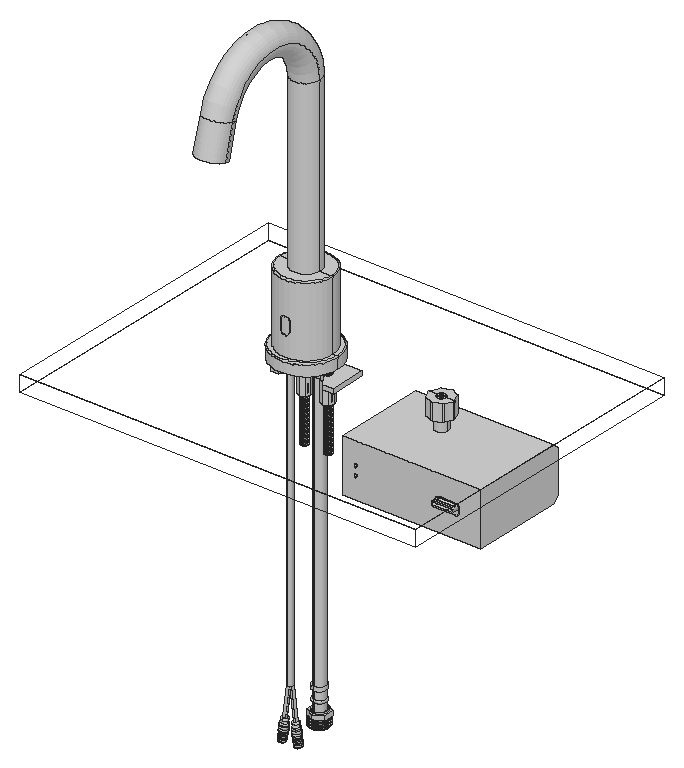
Revit family "SF-9200", category Generic Models, host Face, Revit 2023
Family settings
  Host = Face
  Can host rebar = No
  Round Connector Dimension = Use Diameter
  Part Type = Normal
  Cut with Voids When Loaded = No
  Maintain Annotation Orientation = No
  Shared = No
  Room Calculation Point = No
Parameters
  Material = Steel
  Default Elevation = 4' - 0"
Reference planes (in)
  plane 1 "Center (Front/Back)": y = 0
  plane 2: z = 0
  plane 3 "Center (Left/Right)": x = 0
  plane 4: y = 0.42398
  plane 5: x = -0.3937
  plane 6: x = 0.44132
  plane 7: y = -0.69634
  plane 8: x = 1.125
  plane 9: x = -1.125
  plane 10: y = -4.1875
  plane 11: through (0, -3.70479, 8.00593) normal (0, 0.2588, 0.9659)
  plane 12 "temp": z = 8.13629
  plane 13: z = 11.25
  plane 14: x = 0.5
  plane 15: x = -0.5
  plane 16: through (0, -4.1875, 8.13629) normal (0, -0.9659, 0.2588)
  plane 17: y = -4.67021
  plane 18: y = 1.12847
Forms (in)
  Extrusion 1, solid, material "Air"
    sketch origin (0, 0, 0) x (1, 0, 0) y (0, 1, 0)
      loop
        line (-5.5, 5.23113) -> (-5.5, -5.73488) -> (8.46015, -5.73488) -> (8.46015, 5.23113) -> (-5.5, 5.23113)
    from 0 to -0.56251
  Revolve 2, solid, material "Steel" <- "Material"
    sketch origin (-0.3937, 6.75161, 48) x (0, 1, 0) y (0, 0, -1)
      loop
        line (-6.42965, 48.72) -> (-6.5033, 48.72) -> (-6.52581, 48.7425) -> (-6.42606, 48.7425) -> (-6.42606, 49.46013) -> (-6.52466, 49.46013) -> (-6.50215, 49.48264) -> (-6.42606, 49.48264) -> (-6.45567, 49.50338) -> (-6.42758, 49.52305) -> (-6.45567, 49.54271) -> (-6.42758, 49.56238) -> (-6.45567, 49.58205) -> (-6.42758, 49.60172) -> (-6.45567, 49.62139) -> (-6.42758, 49.64106) -> (-6.45567, 49.66073) -> (-6.42758, 49.6804) -> (-6.45567, 49.70007) -> (-6.42758, 49.71973) -> (-6.45567, 49.7394) -> (-6.42758, 49.75907) -> (-6.45567, 49.77874) -> (-6.42758, 49.79841) -> (-6.45567, 49.81808) -> (-6.42758, 49.83775) -> (-6.45567, 49.85742) -> (-6.42758, 49.87708) -> (-6.45567, 49.89675) -> (-6.42758, 49.91642) -> (-6.45567, 49.93609) -> (-6.42758, 49.95576) -> (-6.45567, 49.97543) -> (-6.42758, 49.9951) -> (-6.45567, 50.01477) -> (-6.42758, 50.03444) -> (-6.45567, 50.0541) -> (-6.42758, 50.07377) -> (-6.45567, 50.09344) -> (-6.42758, 50.11311) -> (-6.45567, 50.13278) -> (-6.42758, 50.15245) -> (-6.45567, 50.17212) -> (-6.42758, 50.19179) -> (-6.45567, 50.21146) -> (-6.42758, 50.23112) -> (-6.45567, 50.25079) -> (-6.42758, 50.27046) -> (-6.45567, 50.29013) -> (-6.42758, 50.3098) -> (-6.45567, 50.32947) -> (-6.42758, 50.34914) -> (-6.45567, 50.36881) -> (-6.42758, 50.38848) -> (-6.45567, 50.40814) -> (-6.42758, 50.42781) -> (-6.45567, 50.44748) -> (-6.42758, 50.46715) -> (-6.45567, 50.48682) -> (-6.42758, 50.50649) -> (-6.45567, 50.52616) -> (-6.42758, 50.54583) -> (-6.45567, 50.5655) -> (-6.42758, 50.58516) -> (-6.45567, 50.60483) -> (-6.42758, 50.6245) -> (-6.45567, 50.64417) -> (-6.42758, 50.66384) -> (-6.45567, 50.68351) -> (-6.42758, 50.70318) -> (-6.45567, 50.72285) -> (-6.42758, 50.74252) -> (-6.45567, 50.76218) -> (-6.42758, 50.78185) -> (-6.45567, 50.80152) -> (-6.42758, 50.82119) -> (-6.45567, 50.84086) -> (-6.42758, 50.86053) -> (-6.45567, 50.8802) -> (-6.42758, 50.89987) -> (-6.45567, 50.91954) -> (-6.42758, 50.9392) -> (-6.45567, 50.95887) -> (-6.42758, 50.97854) -> (-6.45567, 50.99821) -> (-6.42758, 51.01788) -> (-6.45567, 51.03755) -> (-6.42758, 51.05722) -> (-6.45567, 51.07689) -> (-6.408, 51.11026) -> (-6.32763, 51.11026) -> (-6.32763, 48.028) -> (-6.45567, 48.028) -> (-6.42758, 48.04767) -> (-6.45567, 48.06734) -> (-6.42758, 48.08701) -> (-6.45567, 48.10668) -> (-6.42758, 48.12634) -> (-6.45567, 48.14601) -> (-6.42758, 48.16568) -> (-6.45567, 48.18535) -> (-6.42758, 48.20502) -> (-6.45567, 48.22469) -> (-6.42758, 48.24436) -> (-6.45567, 48.26403) -> (-6.42758, 48.2837) -> (-6.45567, 48.30336) -> (-6.42758, 48.32303) -> (-6.45567, 48.3427) -> (-6.42758, 48.36237) -> (-6.45567, 48.38204) -> (-6.42758, 48.40171) -> (-6.45567, 48.42138) -> (-6.42758, 48.44105) -> (-6.45567, 48.46072) -> (-6.42758, 48.48038) -> (-6.45567, 48.50005) -> (-6.42758, 48.51972) -> (-6.45567, 48.53939) -> (-6.42758, 48.55906) -> (-6.45567, 48.57873) -> (-6.42758, 48.5984) -> (-6.45567, 48.61807) -> (-6.42606, 48.6388) -> (-6.45415, 48.65847) -> (-6.42606, 48.67814) -> (-6.45415, 48.69781) -> (-6.42606, 48.71748)
      axis (-6.32763, 48.028) -> (-6.32763, 51.11026)
    angle from 0 to 360
  Extrusion 3, solid, material "Steel" <- "Material"
    sketch origin (0, -0.08784, -0.72) x (0, 1, 0) y (1, 0, 0)
      loop
        circle (0.51181, -0.3937) r 0.09843
      loop
        line (0.73251, -0.3937) -> (0.66787, -0.23764) -> (0.51181, -0.173) -> (0.35575, -0.23764) -> (0.29111, -0.3937) -> (0.35575, -0.54976) -> (0.51181, -0.6144) -> (0.66787, -0.54976) -> (0.73251, -0.3937)
    from 0.01998 to 0.74196
  Revolve 4, solid, material "Steel" <- "Material"
    sketch origin (0, 0, 0) x (0, 1, 0) y (0, 0, 1)
      loop
        line (0.59508, 0) -> (0.59508, -11.90158) -> (0.90578, -11.90158) -> (0.93646, -11.87886) -> (0.90544, -11.8559) -> (0.93646, -11.83294) -> (0.90544, -11.80997) -> (0.93646, -11.78701) -> (0.90544, -11.76405) -> (0.93646, -11.74108) -> (0.90544, -11.71812) -> (0.93646, -11.69516) -> (0.90544, -11.67219) -> (0.93646, -11.64923) -> (0.90544, -11.62627) -> (0.93646, -11.6033) -> (0.79193, -11.6033) -> (0.79193, -11.42914) -> (0.84848, -11.42914) -> (0.84848, -11.39613) -> (0.79193, -11.39613) -> (0.79193, -11.11418)
        arc (0.79193, -11.11418) -> (0.8313, -11.07481) -> (0.79193, -11.03544) r 0.03937
        line (0.79193, -11.03544) -> (0.79193, -10.72048) -> (0.8313, -10.72048) -> (0.8313, -10.60237) -> (0.79193, -10.60237) -> (0.79193, 0) -> (0.59508, 0)
      axis (0.59508, 0) -> (0.59508, -11.90158)
    angle from 0 to 360
  Extrusion 5, solid, material "Steel" <- "Material"
    sketch origin (0, 0.59508, -11.90158) x (-1, 0, 0) y (0, 1, 0)
      loop
        line (-0.3099, -0.17178) -> (-0.00618, -0.35428) -> (0.30372, -0.18249) -> (0.3099, 0.17178) -> (0.00618, 0.35428) -> (-0.30372, 0.18249) -> (-0.3099, -0.17178)
      loop
        circle (0, 0) r 0.19685
    from -0.29827 to -0.47244
  Extrusion 6, void
    sketch origin (0, 0, -11.90158) x (0, 1, 0) y (-1, 0, 0)
      loop
        circle (0.59508, 0) r 0.16575
    from -0.16791 to 12.2743
  Revolve 7, solid, material "Steel" <- "Material"
    sketch origin (0.44132, 6.75307, 48) x (0, 1, 0) y (0, 0, -1)
      loop
        line (-6.42965, 48.72) -> (-6.5033, 48.72) -> (-6.52581, 48.7425) -> (-6.42606, 48.7425) -> (-6.42606, 49.46013) -> (-6.52466, 49.46013) -> (-6.50215, 49.48264) -> (-6.42606, 49.48264) -> (-6.45567, 49.50338) -> (-6.42758, 49.52305) -> (-6.45567, 49.54271) -> (-6.42758, 49.56238) -> (-6.45567, 49.58205) -> (-6.42758, 49.60172) -> (-6.45567, 49.62139) -> (-6.42758, 49.64106) -> (-6.45567, 49.66073) -> (-6.42758, 49.6804) -> (-6.45567, 49.70007) -> (-6.42758, 49.71973) -> (-6.45567, 49.7394) -> (-6.42758, 49.75907) -> (-6.45567, 49.77874) -> (-6.42758, 49.79841) -> (-6.45567, 49.81808) -> (-6.42758, 49.83775) -> (-6.45567, 49.85742) -> (-6.42758, 49.87708) -> (-6.45567, 49.89675) -> (-6.42758, 49.91642) -> (-6.45567, 49.93609) -> (-6.42758, 49.95576) -> (-6.45567, 49.97543) -> (-6.42758, 49.9951) -> (-6.45567, 50.01477) -> (-6.42758, 50.03444) -> (-6.45567, 50.0541) -> (-6.42758, 50.07377) -> (-6.45567, 50.09344) -> (-6.42758, 50.11311) -> (-6.45567, 50.13278) -> (-6.42758, 50.15245) -> (-6.45567, 50.17212) -> (-6.42758, 50.19179) -> (-6.45567, 50.21146) -> (-6.42758, 50.23112) -> (-6.45567, 50.25079) -> (-6.42758, 50.27046) -> (-6.45567, 50.29013) -> (-6.42758, 50.3098) -> (-6.45567, 50.32947) -> (-6.42758, 50.34914) -> (-6.45567, 50.36881) -> (-6.42758, 50.38848) -> (-6.45567, 50.40814) -> (-6.42758, 50.42781) -> (-6.45567, 50.44748) -> (-6.42758, 50.46715) -> (-6.45567, 50.48682) -> (-6.42758, 50.50649) -> (-6.45567, 50.52616) -> (-6.42758, 50.54583) -> (-6.45567, 50.5655) -> (-6.42758, 50.58516) -> (-6.45567, 50.60483) -> (-6.42758, 50.6245) -> (-6.45567, 50.64417) -> (-6.42758, 50.66384) -> (-6.45567, 50.68351) -> (-6.42758, 50.70318) -> (-6.45567, 50.72285) -> (-6.42758, 50.74252) -> (-6.45567, 50.76218) -> (-6.42758, 50.78185) -> (-6.45567, 50.80152) -> (-6.42758, 50.82119) -> (-6.45567, 50.84086) -> (-6.42758, 50.86053) -> (-6.45567, 50.8802) -> (-6.42758, 50.89987) -> (-6.45567, 50.91954) -> (-6.42758, 50.9392) -> (-6.45567, 50.95887) -> (-6.42758, 50.97854) -> (-6.45567, 50.99821) -> (-6.42758, 51.01788) -> (-6.45567, 51.03755) -> (-6.42758, 51.05722) -> (-6.45567, 51.07689) -> (-6.408, 51.11026) -> (-6.32763, 51.11026) -> (-6.32763, 48.028) -> (-6.45567, 48.028) -> (-6.42758, 48.04767) -> (-6.45567, 48.06734) -> (-6.42758, 48.08701) -> (-6.45567, 48.10668) -> (-6.42758, 48.12634) -> (-6.45567, 48.14601) -> (-6.42758, 48.16568) -> (-6.45567, 48.18535) -> (-6.42758, 48.20502) -> (-6.45567, 48.22469) -> (-6.42758, 48.24436) -> (-6.45567, 48.26403) -> (-6.42758, 48.2837) -> (-6.45567, 48.30336) -> (-6.42758, 48.32303) -> (-6.45567, 48.3427) -> (-6.42758, 48.36237) -> (-6.45567, 48.38204) -> (-6.42758, 48.40171) -> (-6.45567, 48.42138) -> (-6.42758, 48.44105) -> (-6.45567, 48.46072) -> (-6.42758, 48.48038) -> (-6.45567, 48.50005) -> (-6.42758, 48.51972) -> (-6.45567, 48.53939) -> (-6.42758, 48.55906) -> (-6.45567, 48.57873) -> (-6.42758, 48.5984) -> (-6.45567, 48.61807) -> (-6.42606, 48.6388) -> (-6.45415, 48.65847) -> (-6.42606, 48.67814) -> (-6.45415, 48.69781) -> (-6.42606, 48.71748)
      axis (-6.32763, 51.11026) -> (-6.32763, 48.028)
    angle from 0 to 360
  Extrusion 8, solid, material "Steel" <- "Material"
    sketch origin (0.83876, -0.08784, -0.72) x (0, 1, 0) y (1, 0, 0)
      loop
        circle (0.51181, -0.39745) r 0.09843
      loop
        line (0.73251, -0.39745) -> (0.66787, -0.24139) -> (0.51181, -0.17674) -> (0.35575, -0.24139) -> (0.29111, -0.39745) -> (0.35575, -0.55351) -> (0.51181, -0.61815) -> (0.66787, -0.55351) -> (0.73251, -0.39745)
    from 0.01998 to 0.74196
  Revolve 9, solid, material "Steel" <- "Material"
    sketch origin (0, 0, 0) x (0, 1, 0) y (0, 0, 1)
      loop
        line (-0.73071, 0) -> (-0.72102, -0.13848) -> (-0.78633, -0.13848) -> (-0.78633, -10.06227) -> (-0.69634, -10.06227) -> (-0.69634, 0) -> (-0.73071, 0)
      axis (-0.69634, -10.06227) -> (-0.69634, 0)
    angle from 0 to 360
  Revolve 10, solid, material "Steel" <- "Material"
    sketch origin (0, 0, 0) x (1, 0, 0) y (0, 0, 1)
      loop
        line (0, 2.87998) -> (0, 0) -> (1.125, 0) -> (1.125, 0.36264)
        arc (1.125, 0.36264) -> (1.11405, 0.38907) -> (1.08762, 0.40002) r 0.03738
        line (1.08762, 0.40002) -> (0.94135, 0.40002) -> (0.94135, 2.84057)
        arc (0.94135, 2.84057) -> (0.9298, 2.86844) -> (0.90193, 2.87998) r 0.03941
        line (0.90193, 2.87998) -> (0, 2.87998)
      axis (0, 0) -> (0, 2.87998)
    angle from 0 to 360
  Sweep 11, solid, material "Steel" <- "Material"
    path origin (0, 0, 0) x (0, 1, 0) y (0, 0, 1)
      loop
        line (0, 2.87998) -> (0, 8.92667)
        arc (0, 8.92667) -> (-1.78768, 10.73764) -> (-3.8772, 9.2853) r 1.97587
        line (-3.8772, 9.2853) -> (-4.1875, 8.13629)
    profile origin (0, 0, 5.90333) x (0, -1, 0) y (1, 0, 0)
      loop
        circle (0, 0) r 0.5
      loop
        circle (0, 0) r 0.4375
  Extrusion 12, solid, material "Steel" <- "Material"
    sketch origin (0, -0.1413, 7.05766) x (0, -0.966256, 0.257583) y (-1, 0, 0)
      loop
        arc (3.75112, -0.03125) -> (4.1875, -0.4375) -> (4.62388, -0.03125) r 0.4375
        line (4.62388, -0.03125) -> (4.53795, -0.03125) -> (4.53795, 0.03125) -> (4.62388, 0.03125)
        arc (4.62388, 0.03125) -> (4.1875, 0.4375) -> (3.75112, 0.03125) r 0.4375
        line (3.75112, 0.03125) -> (3.83705, 0.03125) -> (3.83705, -0.03125) -> (3.75112, -0.03125)
      loop
        circle (4.1875, 0) r 0.34375
      loop
        circle (4.1875, 0) r 0.28125
      loop
        circle (4.1875, 0) r 0.21875
    from 0 to -0.29429
  Extrusion 13, void
    sketch origin (0, 0, 0) x (-1, 0, 0) y (0, 0, 1)
      loop
        line (-0.19137, 1.53398) -> (-0.19137, 1.266)
        arc (-0.19137, 1.266) -> (-0.02137, 1.09606) -> (0.14858, 1.266) r 0.16995
        line (0.14858, 1.266) -> (0.14864, 1.53398)
        arc (0.14864, 1.53398) -> (-0.02137, 1.70393) -> (-0.19137, 1.53398) r 0.16995
      loop
        arc (0.12905, 1.53398) -> (-0.02137, 1.6844) -> (-0.17179, 1.53398) r 0.15042
        line (-0.17179, 1.53398) -> (-0.17179, 1.266)
        arc (-0.17179, 1.266) -> (-0.02137, 1.11559) -> (0.12905, 1.266) r 0.15042
        line (0.12905, 1.266) -> (0.12905, 1.53398)
    from -0.96692 to -0.88749
  Extrusion 14, solid, material "Steel" <- "Material"
    sketch origin (0, 0, 0) x (0, 1, 0) y (0, 0, 1)
      loop
        line (-2.01998, -2.46127) -> (1.21396, -2.46127) -> (1.40397, -2.27125) -> (1.40397, -0.78283) -> (1.21396, -0.59281) -> (-2.01998, -0.59281) -> (-2.01998, -2.46127)
    from 2.89839 to 7.76988
  Revolve 15, solid, material "Steel" <- "Material"
    sketch origin (0, 0, 0) x (1, 0, 0) y (0, 0, 1)
      loop
        line (4.563, -0.22451) -> (4.563, -0.584) -> (4.78703, -0.584) -> (4.78703, -0.13233) -> (4.563, -0.13233) -> (4.60418, -0.09807) -> (4.563, -0.0743) -> (4.60418, -0.05053) -> (4.563, -0.02676) -> (4.60418, -0.00298) -> (4.563, 0.02079) -> (4.60418, 0.04456) -> (4.563, 0.06833) -> (4.60418, 0.09211) -> (4.563, 0.11588) -> (4.60418, 0.13965) -> (4.563, 0.16342) -> (4.60418, 0.1872) -> (4.563, 0.21097) -> (4.60418, 0.23474) -> (4.563, 0.25851) -> (4.60418, 0.28228) -> (4.563, 0.30606) -> (4.60418, 0.32983) -> (4.563, 0.3536) -> (4.60418, 0.37737) -> (4.563, 0.40115) -> (4.60418, 0.42492) -> (4.33702, 0.42492) -> (4.33702, -0.14716) -> (4.57417, -0.14716)
        arc (4.57417, -0.14716) -> (4.53745, -0.18134) -> (4.563, -0.22451) r 0.04
      loop
        line (4.78703, -2.46127) -> (4.52303, -2.46127) -> (4.52303, -2.52303) -> (4.43706, -2.52303) -> (4.43706, -3.08304) -> (4.502, -3.08304) -> (4.502, -3.18916) -> (4.53369, -3.18916) -> (4.50168, -3.20764) -> (4.5293, -3.22358) -> (4.50168, -3.23953) -> (4.5293, -3.25547) -> (4.50168, -3.27141) -> (4.5293, -3.28736) -> (4.50168, -3.3033) -> (4.5293, -3.31925) -> (4.50168, -3.33519) -> (4.5293, -3.35113) -> (4.50168, -3.36708) -> (4.5293, -3.38302) -> (4.50168, -3.39897) -> (4.5293, -3.41491) -> (4.50168, -3.43085) -> (4.5293, -3.4468) -> (4.50168, -3.46274) -> (4.5293, -3.47869) -> (4.50168, -3.49463) -> (4.5293, -3.51058) -> (4.50168, -3.52652) -> (4.5293, -3.54246) -> (4.50168, -3.55841) -> (4.5293, -3.57435) -> (4.50168, -3.5903) -> (4.5293, -3.60624) -> (4.50168, -3.62218) -> (4.53773, -3.64299) -> (4.78703, -3.64299) -> (4.78703, -2.46127)
      axis (4.78703, -3.64299) -> (4.78703, 0.42492)
    angle from 0 to 360
  Extrusion 16, void
    sketch origin (0, 0, 0) x (0, -1, 0) y (0, 0, 1)
      loop
        line (0.40499, -0.67901) -> (0.40499, -2.37501) -> (1.94298, -2.37501) -> (1.94298, -0.67901) -> (0.40499, -0.67901)
      loop
        circle (1.44654, -1.10115) r 0.24002
      loop
        circle (0.81235, -1.1492) r 0.29993
      loop
        circle (0.81227, -1.95368) r 0.30001
      loop
        circle (1.44652, -1.10117) r 0.2
      loop
        arc (1.52151, -1.00119) -> (1.32265, -1.10119) -> (1.52151, -1.2012) r 0.12457
        line (1.52151, -1.2012) -> (1.52151, -1.00119)
      loop
        circle (1.4465, -1.04607) r 0.02001
      loop
        circle (1.44653, -1.16606) r 0.02002
      loop
        circle (0.81206, -1.14872) r 0.2356
      loop
        arc (0.91431, -1.0503) -> (0.6726, -1.14909) -> (0.91431, -1.24788) r 0.14104
        line (0.91431, -1.24788) -> (0.91431, -1.0503)
      loop
        circle (0.81245, -1.08929) r 0.02001
      loop
        circle (0.81245, -1.20917) r 0.02001
      loop
        circle (0.81206, -1.9532) r 0.2356
      loop
        arc (0.91431, -1.85477) -> (0.6726, -1.95357) -> (0.91431, -2.05236) r 0.14104
        line (0.91431, -2.05236) -> (0.91431, -1.85477)
      loop
        circle (0.81245, -1.89376) r 0.02001
      loop
        circle (0.81245, -2.01365) r 0.02001
    from -3.07535 to -2.89839
  Extrusion 17, void
    sketch origin (0, 0, 0) x (1, 0, 0) y (0, 1, 0)
      loop
        arc (4.4475, 0.29534) -> (4.40616, 0.15776) -> (4.33811, 0.03125) r 0.71374
        arc (4.33811, 0.03125) -> (4.33702, 0) -> (4.33811, -0.03125) r 0.45001
        arc (4.33811, -0.03125) -> (4.40616, -0.15776) -> (4.4475, -0.29534) r 0.71374
        arc (4.4475, -0.29534) -> (4.46883, -0.31821) -> (4.49169, -0.33953) r 0.45001
        arc (4.49169, -0.33953) -> (4.62927, -0.38087) -> (4.75578, -0.44892) r 0.71374
        arc (4.75578, -0.44892) -> (4.78703, -0.45001) -> (4.81828, -0.44892) r 0.45001
        arc (4.81828, -0.44892) -> (4.9448, -0.38087) -> (5.08237, -0.33953) r 0.71374
        arc (5.08237, -0.33953) -> (5.10524, -0.31821) -> (5.12657, -0.29534) r 0.45001
        arc (5.12657, -0.29534) -> (5.16791, -0.15776) -> (5.23596, -0.03125) r 0.71374
        arc (5.23596, -0.03125) -> (5.23704, 0) -> (5.23596, 0.03125) r 0.45001
        arc (5.23596, 0.03125) -> (5.16791, 0.15776) -> (5.12657, 0.29534) r 0.71374
        arc (5.12657, 0.29534) -> (5.10524, 0.31821) -> (5.08237, 0.33953) r 0.45001
        arc (5.08237, 0.33953) -> (4.9448, 0.38087) -> (4.81828, 0.44892) r 0.71374
        arc (4.81828, 0.44892) -> (4.78703, 0.45001) -> (4.75578, 0.44892) r 0.45001
        arc (4.75578, 0.44892) -> (4.62927, 0.38087) -> (4.49169, 0.33953) r 0.71374
        arc (4.49169, 0.33953) -> (4.46883, 0.31821) -> (4.4475, 0.29534) r 0.45001
      loop
        circle (4.78703, 0) r 0.51251
    from -0.14716 to 0.42492
  Extrusion 18, void
    sketch origin (0, 0, 0) x (-1, 0, 0) y (0, 0, 1)
      loop
        circle (-3.38304, -1.36703) r 0.06397
      loop
        circle (-3.38304, -1.68702) r 0.06388
    from -2.01998 to -1.97621
  Extrusion 19, void
    sketch origin (0, -2.01998, -2.43322) x (0, 0, -1) y (-1, 0, 0)
      loop
        line (-1.12566, -6.32703) -> (-1.12566, -6.88699)
        arc (-1.12566, -6.88699) -> (-1.07895, -6.99975) -> (-0.96619, -7.04646) r 0.15948
        line (-0.96619, -7.04646) -> (-0.84617, -7.04646)
        arc (-0.84617, -7.04646) -> (-0.73337, -6.99978) -> (-0.68669, -6.88698) r 0.15937
        line (-0.68669, -6.88698) -> (-0.68669, -6.32703)
        arc (-0.68669, -6.32703) -> (-0.7334, -6.21426) -> (-0.84616, -6.16755) r 0.15948
        line (-0.84616, -6.16755) -> (-0.96619, -6.16755)
        arc (-0.96619, -6.16755) -> (-1.07895, -6.21426) -> (-1.12566, -6.32703) r 0.15948
      loop
        line (-0.84616, -6.1988) -> (-0.96619, -6.1988)
        arc (-0.96619, -6.1988) -> (-1.05686, -6.23636) -> (-1.09441, -6.32703) r 0.12823
        line (-1.09441, -6.32703) -> (-1.09441, -6.88699)
        arc (-1.09441, -6.88699) -> (-1.05686, -6.97765) -> (-0.96619, -7.01521) r 0.12823
        line (-0.96619, -7.01521) -> (-0.84616, -7.01521)
        arc (-0.84616, -7.01521) -> (-0.75546, -6.97769) -> (-0.71794, -6.88699) r 0.12812
        line (-0.71794, -6.88699) -> (-0.71794, -6.32703)
        arc (-0.71794, -6.32703) -> (-0.75549, -6.23636) -> (-0.84616, -6.1988) r 0.12823
    from 0 to 0.10769
  Extrusion 20, solid, material "Steel" <- "Material"
    sketch origin (0, -2.01998, -2.43322) x (0, 0, 1) y (-1, 0, 0)
      loop
        arc (1.0814, -6.32742) -> (0.98617, -6.23219) -> (0.89093, -6.32742) r 0.09524
        line (0.89093, -6.32742) -> (0.89093, -6.8866)
        arc (0.89093, -6.8866) -> (0.98617, -6.98183) -> (1.0814, -6.8866) r 0.09524
        line (1.0814, -6.8866) -> (1.0814, -6.32742)
      loop
        line (1.05015, -6.8866) -> (1.05015, -6.32742)
        arc (1.05015, -6.32742) -> (0.98617, -6.26344) -> (0.92218, -6.32742) r 0.06399
        line (0.92218, -6.32742) -> (0.92218, -6.8866)
        arc (0.92218, -6.8866) -> (0.98617, -6.95058) -> (1.05015, -6.8866) r 0.06399
    from 0 to 0.23781
  Extrusion 21, void
    sketch origin (0, 0, 0) x (0, -1, 0) y (0, 0, 1)
      loop
        arc (2.04176, -1.3306) -> (2.11794, -1.39329) -> (2.19412, -1.3306) r 0.07763
        line (2.19412, -1.3306) -> (2.04176, -1.3306)
    from -7.07009 to -6.16755
  Extrusion 22, solid, material "Steel" <- "Material"
    sketch origin (0.00031, -0.04446, 0.46111) x (1, 0, 0) y (0, 1, 0)
      loop
        line (0, 1.14173) -> (-1.05897, 1.14173) -> (-1.05897, -0.17954) -> (-0.77529, -0.17954) -> (-0.49482, 0.22101) -> (-0.28436, 0.27559) -> (0, 0.27559) -> (0.28436, 0.27559) -> (0.49482, 0.22101) -> (0.73228, -0.11811) -> (1.09843, -0.11811) -> (1.09843, 1.14173) -> (0, 1.14173)
      loop
        circle (-0.39402, 0.46844) r 0.12652
      loop
        circle (0.441, 0.46844) r 0.125
      loop
        circle (-0.00031, 0.63955) r 0.19685
    from -1.18111 to -1.02362
  Extrusion 23, solid, material "Steel" <- "Material"
    sketch origin (0, -2.01998, -2.43322) x (0, 0, 1) y (-1, 0, 0)
      loop
        line (-8.74278, 0.14758) -> (-7.63288, 0.00002) -> (-8.74443, -0.14758) -> (-8.73343, -0.23038) -> (-7.62905, -0.09057) -> (-7.62905, 0.08728) -> (-8.73179, 0.23021) -> (-8.74278, 0.14758)
    from -1.36336 to -1.29191
  Revolve 24, solid, material "Steel" <- "Material"
    sketch origin (0, -0.69634, -2.43322) x (0, 0, 1) y (-1, 0, 0)
      loop
        line (-9.48963, -0.28867) -> (-9.47414, -0.40529) -> (-9.43643, -0.40529) -> (-9.38209, -0.39807)
        arc (-9.38209, -0.39807) -> (-9.36029, -0.39879) -> (-9.33953, -0.3921) r 0.0635
        arc (-9.33953, -0.3921) -> (-9.32212, -0.39542) -> (-9.30617, -0.38767) r 0.02812
        arc (-9.30617, -0.38767) -> (-9.28348, -0.38892) -> (-9.2618, -0.3821) r 0.0635
        arc (-9.2618, -0.3821) -> (-9.24438, -0.38542) -> (-9.22844, -0.37767) r 0.02812
        arc (-9.22844, -0.37767) -> (-9.20574, -0.37892) -> (-9.18406, -0.3721) r 0.0635
        arc (-9.18406, -0.3721) -> (-9.16989, -0.38188) -> (-9.15279, -0.38391) r 0.03578
        line (-9.15279, -0.38391) -> (-9.09988, -0.37727)
        arc (-9.09988, -0.37727) -> (-9.07057, -0.37154) -> (-9.04829, -0.35166) r 0.05639
        arc (-9.04829, -0.35166) -> (-9.00315, -0.36564) -> (-8.96322, -0.34036) r 0.05639
        arc (-8.96322, -0.34036) -> (-8.94263, -0.34904) -> (-8.92029, -0.34871) r 0.0544
        arc (-8.92029, -0.34871) -> (-8.89918, -0.33883) -> (-8.88415, -0.32104) r 0.0544
        arc (-8.88415, -0.32104) -> (-8.82313, -0.2913) -> (-8.75934, -0.3145) r 0.08692
        arc (-8.75934, -0.3145) -> (-8.73463, -0.30333) -> (-8.72668, -0.2774) r 0.03292
        line (-8.72668, -0.2774) -> (-8.73729, -0.18876) -> (-9.48963, -0.28867)
      axis (-8.73729, -0.18876) -> (-9.48963, -0.28867)
    angle from 0 to 360
  Revolve 25, solid, material "Steel" <- "Material"
    sketch origin (0, -0.69634, -2.43322) x (0, 0, 1) y (-1, 0, 0)
      loop
        line (-9.48963, 0.28867) -> (-8.73729, 0.18876) -> (-8.72668, 0.2774)
        arc (-8.72668, 0.2774) -> (-8.73463, 0.30333) -> (-8.75934, 0.3145) r 0.03292
        arc (-8.75934, 0.3145) -> (-8.82313, 0.2913) -> (-8.88415, 0.32104) r 0.08692
        arc (-8.88415, 0.32104) -> (-8.89918, 0.33883) -> (-8.92029, 0.34871) r 0.0544
        arc (-8.92029, 0.34871) -> (-8.94263, 0.34904) -> (-8.96322, 0.34036) r 0.0544
        arc (-8.96322, 0.34036) -> (-9.00315, 0.36564) -> (-9.04829, 0.35166) r 0.05639
        arc (-9.04829, 0.35166) -> (-9.07057, 0.37154) -> (-9.09988, 0.37727) r 0.05639
        line (-9.09988, 0.37727) -> (-9.15279, 0.38391)
        arc (-9.15279, 0.38391) -> (-9.16989, 0.38188) -> (-9.18406, 0.3721) r 0.03578
        arc (-9.18406, 0.3721) -> (-9.20574, 0.37892) -> (-9.22844, 0.37767) r 0.0635
        arc (-9.22844, 0.37767) -> (-9.24438, 0.38542) -> (-9.2618, 0.3821) r 0.02812
        arc (-9.2618, 0.3821) -> (-9.28348, 0.38892) -> (-9.30617, 0.38767) r 0.0635
        arc (-9.30617, 0.38767) -> (-9.32212, 0.39542) -> (-9.33953, 0.3921) r 0.02812
        arc (-9.33953, 0.3921) -> (-9.36029, 0.39879) -> (-9.38209, 0.39807) r 0.0635
        line (-9.38209, 0.39807) -> (-9.43643, 0.40529) -> (-9.47414, 0.40529) -> (-9.48963, 0.28867)
      axis (-8.73729, 0.18876) -> (-9.48963, 0.28867)
    angle from 0 to 360
Cuts and joins
  Extrusion 6 cuts Revolve 4
  Extrusion 13 cuts Revolve 10
  Extrusion 16 cuts Revolve 9
  Extrusion 16, Extrusion 18, Extrusion 19 cuts Extrusion 14
  Extrusion 17 cuts Revolve 15
  Extrusion 21 cuts Extrusion 20
Lines and regions (in)
  model lines
    curve 1: line (0, -0.60636, -0.13848) -> (0, -0.78633, -0.13848)
  symbolic lines, not visible
    curve 2: line (-1.05865, -2.01998, -0.56251) -> (-3.37744, -2.01998, -0.56251)
    curve 3: line (-2.98167, -2.01998, 0) -> (-2.98167, -2.01998, -0.56251)
    curve 4: line (-2.73628, -2.01998, -0.8079) -> (-3.22976, -2.01998, -0.31442)
    curve 5: line (-2.98167, -2.01998, -0.28126) -> (-4.98167, -2.01998, -0.28126)
Text (in)
  text "2\"\nMAX DECK\nTHICKNESS" at (-6.70184, 0, 0.68216), in view "Front"
Dimensions and locks (in)
  plane 13 to level = 0' - 11 1/4"
  plane 8 to plane 9 = 0' - 2 1/4"
  plane 14 to plane 15 = 0' - 1"
  plane 1 "Center (Front/Back)" to plane 10 = 0' - 4 3/16"
  plane 18 to plane 17 = 0' - 5.79868"
  angle plane 1 "Center (Front/Back)" to plane 16 = 15.00°
  aligned and locked: plane 2 to Extrusion 1
  aligned and locked: level to Extrusion 1
  aligned and locked: level to cut or joined group of Revolve 4, Extrusion 6
  aligned and locked: cut or joined group of Revolve 9, Extrusion 16 to cut or joined group of Revolve 10, Extrusion 13
